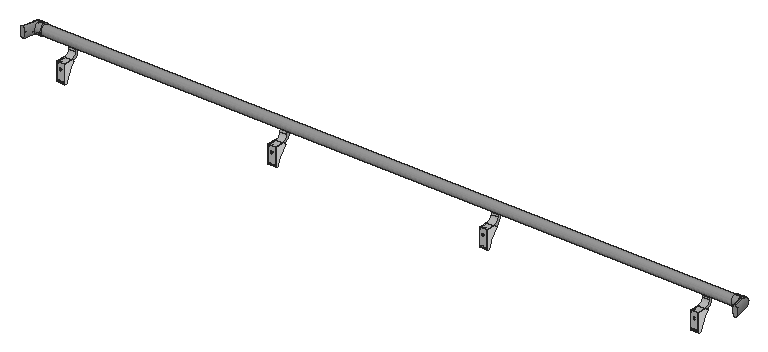
Revit family "AFN55+O-34Vsl+VAエンド", category 一般モデル, Revit 2015
Parameters (values of type "仕様")
  笠木長さ = 2500 mm
  最終BK-エンド距離 [instance] = 102.3 mm
  手摺H = 1000 mm
  笠木色 = 笠木No.11アイボリーホワイト
  実高さ = 手摺H - 7.3 mm  # 992.7 mm
  ビニレーンカバー色 = カバーホワイト
  エンド-エンド距離 [instance] = 笠木長さ + 23.4 mm  # 2523.4 mm
  BK間 [instance] = (笠木長さ - 240 mm) / (BK数 - 1)  # 753.333 mm
  BK数 = roundup((笠木長さ - 240 mm) / 910 mm) + 1  # 4
Reference planes
  plane 1 "壁": y = 0
  plane 2 "中心(左/右)": x = 125
  plane 3 "背面": y = 75
  plane 4: z = 0
  plane 5: x = 2125
  plane 6: z = 3000
  plane 7: x = -1875
Lines and regions (mm)
  reference lines
    curve 1: line (1965, 0, 0) -> (1965, 0, 2799.642)
    curve 2: line (-1875, 0, 0) -> (-1875, 0, 3215.94)
    curve 3: line (-1715, 0, 0) -> (-1715, 0, 3155.94)
    curve 4: line (-1817.3, 0, 763.756) -> (-1817.3, 0, 1053.756)
    curve 5: line (-2706.019, 0, 992.7) -> (2593.981, 0, 992.7)
Text (mm)
  text "配置側" at (-1848.837, 1116.779, 0), in view "参照レベル"
  text "配置側" at (0, 1409.804, 2854.306), in view "左"
  text "配置側" at (0, 499.811, 2980.732), in view "右"
Dimensions and locks
  locked: plane 3 "背面" to host wall
  plane 2 "中心(左/右)" to curve 1 = 1840 mm
  curve 3 to plane 2 "中心(左/右)" = 1840 mm
  equal spacing: group 1, group 2, group 3, group 4  (x3)
  equal spacing: curve 2, curve 3, host wall
  "最終BK-エンド距離": curve 4 to curve 3
  "BK間": curve 3 to nested 3
  "エンド-エンド距離": nested 5 to nested 4
  "実高さ": curve 5 to level
  locked: nested 5 to curve 5 at 7.2
  nested 2 to host wall = 40 mm
  aligned and locked: plane 1 "壁" to host wall
  aligned and locked: curve 5 to nested 2
  aligned and locked: curve 5 to nested 1
  aligned and locked: curve 5 to nested 6
Automatic sketch dimensions
  host sketch curve to plane 5 = 0 mm
  host sketch curve to plane 7 = 0 mm
  host sketch curve to plane 4 = 0 mm
  host sketch curve to plane 6 = 0 mm
  curve 2 to level = 0 mm
  curve 3 to level = 0 mm
  curve 1 to level = 0 mm
  curve 5 to plane 2 "中心(左/右)" = 2831.019 mm
  curve 5 to curve 2 = 831.019 mm
  curve 2 to curve 4 = 57.7 mm
  plane 2 "中心(左/右)" to curve 1 = 1840 mm
  curve 1 to curve 5 = 628.981 mm
  level to curve 4 = 763.756 mm
  curve 4 to curve 4 = 290 mm
  curve 5 to curve 1 = 1806.942 mm
  curve 4 to curve 3 = 2102.184 mm
  curve 3 to curve 2 = 60 mm
Nested families
  nested 1: "AFN55BK本体" at (-1852.5, 0, -601.3), type "タイプ 1"
    with BKカバー色 none
  nested 2: "O-34笠木" at (-1835, -186.158, 61.229) x (0, 1, 0) z (0, 0, 1), 笠木長さ <- "笠木長さ", type "O-34笠木"
    with 笠木長さ 2500 mm
  nested 3: "AFN55BK本体" at (-1099.209, 0, -601.3), type "タイプ 1"
    with BKカバー色 none
  nested 4: "VAエンド思索" at (636.92, 112.254, 985.522) x (0, 0, 1) z (1, 0, 0), type "VAエンド思索"
  nested 5: "VAエンド思索" at (-1807.206, 112.254, 985.5) x (0, 0, 1) z (-1, 0, 0), type "VAエンド思索"
  nested 6: "AFN55BK本体" at (-345.918, 0, -601.3), type "タイプ 1"
    with BKカバー色 none
  nested 7: "AFN55BK本体" at (407.373, 0, -601.3), type "タイプ 1"
    with BKカバー色 none
Definition of nested family "AFN55BK本体"
  Parameters (values of type "タイプ 1")
    BK色 = none
    BKカバー色 [instance] = none
    BKカバー木目 = none
  Reference planes
    plane 1 "壁": y = 0
    plane 2 "中心(左/右)": x = 125
    plane 3 "背面": y = 75
    plane 4: z = 1475.5
  Forms (mm)
    Extrusion 1, solid, material <- "BK色"
      sketch origin (125, 0.041, 42.483) x (0, 1, 0) y (0, 0, 1)
        loop
          line (106.718, 1497.517) -> (74.959, 1497.517) -> (74.959, 1439.017)
          arc (74.959, 1439.017) -> (75.959, 1438.017) -> (76.959, 1439.017) r 1
          line (76.959, 1439.017) -> (76.959, 1453.451)
          arc (76.959, 1453.451) -> (77.786, 1455.886) -> (79.924, 1457.315) r 4
          line (79.924, 1457.315) -> (80.877, 1457.57)
          arc (80.877, 1457.57) -> (81.946, 1458.284) -> (82.359, 1459.502) r 2
          line (82.359, 1459.502) -> (82.359, 1461.067)
          arc (82.359, 1461.067) -> (82.213, 1461.421) -> (81.859, 1461.567) r 0.5
          line (81.859, 1461.567) -> (78.959, 1461.567)
          arc (78.959, 1461.567) -> (78.031, 1462.196) -> (78.269, 1463.291) r 1
          line (78.269, 1463.291) -> (82.049, 1466.893)
          arc (82.049, 1466.893) -> (82.278, 1467.223) -> (82.359, 1467.617) r 1
          line (82.359, 1467.617) -> (82.359, 1488.817)
          arc (82.359, 1488.817) -> (82.798, 1489.878) -> (83.859, 1490.317) r 1.5
          line (83.859, 1490.317) -> (88.059, 1490.317)
          arc (88.059, 1490.317) -> (88.359, 1490.617) -> (88.659, 1490.317) r 0.3
          line (88.659, 1490.317) -> (88.659, 1488.117) -> (97.659, 1490.317) -> (108.959, 1490.317)
          arc (108.959, 1490.317) -> (125.576, 1497.2) -> (132.459, 1513.817) r 23.5
          line (132.459, 1513.817) -> (132.459, 1532.289)
          arc (132.459, 1532.289) -> (132.611, 1533.054) -> (133.045, 1533.703) r 2
          line (133.045, 1533.703) -> (133.773, 1534.431)
          arc (133.773, 1534.431) -> (134.207, 1535.08) -> (134.359, 1535.845) r 2
          line (134.359, 1535.845) -> (134.359, 1551.517) -> (132.859, 1551.517) -> (132.859, 1549.517)
          arc (132.859, 1549.517) -> (132.42, 1548.456) -> (131.359, 1548.017) r 1.5
          line (131.359, 1548.017) -> (128.559, 1548.017)
          arc (128.559, 1548.017) -> (127.498, 1548.456) -> (127.059, 1549.517) r 1.5
          line (127.059, 1549.517) -> (127.059, 1551.517) -> (125.559, 1551.517) -> (125.559, 1546.874)
          arc (125.559, 1546.874) -> (125.637, 1546.486) -> (125.859, 1546.159) r 1
          arc (125.859, 1546.159) -> (126.759, 1544.017) -> (125.859, 1541.875) r 3
          arc (125.859, 1541.875) -> (125.637, 1541.548) -> (125.559, 1541.16) r 1
          line (125.559, 1541.16) -> (125.559, 1535.845)
          arc (125.559, 1535.845) -> (125.711, 1535.08) -> (126.145, 1534.431) r 2
          line (126.145, 1534.431) -> (126.873, 1533.703)
          arc (126.873, 1533.703) -> (127.307, 1533.054) -> (127.459, 1532.289) r 2
          line (127.459, 1532.289) -> (127.459, 1524.041)
          arc (127.459, 1524.041) -> (127.445, 1523.518) -> (127.404, 1522.996) r 10
          line (127.404, 1522.996) -> (126.609, 1515.426)
          arc (126.609, 1515.426) -> (120.101, 1502.654) -> (106.718, 1497.517) r 20
      from 0 to 25
    Extrusion 2, void
      sketch origin (0.743, 82.4, 30.09) x (1, 0, 0) y (0, 0, 1)
        loop
          circle (137.542, 1489.945) r 5
      from 0 to 7.9
    Extrusion 3, solid, material <- "BKカバー木目"
      sketch origin (125, -305.006, 144.816) x (0, 1, 0) y (0, 0, 1)
        loop
          line (381.006, 1331.637) -> (383.312, 1331.637)
          arc (383.312, 1331.637) -> (386.254, 1332.594) -> (388.07, 1335.099) r 5
          arc (388.07, 1335.099) -> (401.125, 1363.077) -> (420.64, 1387.003) r 125
          line (420.64, 1387.003) -> (413.006, 1394.637) -> (381.006, 1394.637) -> (381.006, 1333.637) -> (381.006, 1331.637)
      from -2.5 to 27.5
    Extrusion 4, void
      sketch origin (124.375, 76, 1539.453) x (0, 1, 0) y (-1, 0, 0)
        loop
          line (-1.575, -26.705) -> (35.425, -26.705) -> (35.425, -0.85) -> (-1.575, -0.85) -> (-1.575, -26.705)
      from -7.7 to 0
  Cuts and joins
    Extrusion 2 cuts Extrusion 1
    Extrusion 4 cuts Extrusion 3
  Lines and regions (mm)
    reference lines
      curve 1: line (150, 0, 1480.5) -> (137.542, 0, 1480.5)
      curve 2: line (137.542, 0, 1480.5) -> (137.542, 0, 1519.612)
  Text (mm)
    text "配置側" at (-1848.837, 1116.779, 0), in view "参照レベル"
    text "配置側" at (0, 1409.804, 2854.306), in view "左"
    text "配置側" at (0, 499.811, 2980.732), in view "右"
  Dimensions and locks
    locked: plane 3 "背面" to host wall
    aligned and locked: plane 1 "壁" to host wall
Definition of nested family "O-34笠木"
  Parameters (values of type "O-34笠木")
    笠木長さ [instance] = 1000 mm
    木目 = none
  Reference planes
    plane 1 "中心(正面/背面)": y = 0
    plane 2: z = 0
    plane 3 "中心(左/右)": x = 0
  Forms (mm)
    Extrusion 1, solid, material <- "木目"
      sketch origin (0, 0, 0) x (1, 0, 0) y (0, 0, 1)
        loop
          arc (312.783, 907.324) -> (316.226, 940.971) -> (319.669, 907.324) r 17
          arc (319.669, 907.324) -> (318.327, 908.017) -> (318.726, 909.474) r 1.2
          arc (318.726, 909.474) -> (319.425, 911.817) -> (321.226, 913.471) r 4.6
          line (321.226, 913.471) -> (322.03, 916.471) -> (320.726, 916.471) -> (320.726, 919.471) -> (323.726, 919.471) -> (323.726, 928.471) -> (320.726, 928.471) -> (320.726, 931.471) -> (311.726, 931.471) -> (311.726, 928.471) -> (308.726, 928.471) -> (308.726, 919.471) -> (311.726, 919.471) -> (311.726, 916.471) -> (310.422, 916.471) -> (311.226, 913.471)
          arc (311.226, 913.471) -> (313.028, 911.817) -> (313.726, 909.474) r 4.6
          arc (313.726, 909.474) -> (314.125, 908.017) -> (312.783, 907.324) r 1.2
      from 0 to 1000 <- "笠木長さ"
  Dimensions and locks
    aligned and locked: level to plane 2
Definition of nested family "VAエンド思索"
  Parameters (values of type "VAエンド思索")
    木目エンド = yes
    木目 = none
    Default Elevation = 1219.2 mm
  Reference planes
    plane 1 "中心(正面/背面)": y = 0
    plane 2: z = 0
    plane 3 "中心(左/右)": x = 0
  Forms (mm)
    Sweep 1, solid, material <- "木目", visible <- "木目エンド"
      path origin (0, 0, 0) x (0, 1, 0) y (0, 0, 1)
        loop
          line (33.681, 47.703) -> (-37.937, 29.847)
      profile origin (0, -2.128, 38.775) x (0, 0.241922, -0.970296) y (1, 0, 0)
        loop
          spline (0, -18.38) -> (1.813, -17.744) -> (3.501, -15.881) -> (4.952, -12.917) -> (6.065, -9.055) -> (6.764, -4.557) -> (7.003, 0.27) -> (6.764, 5.097) -> (6.065, 9.595) -> (4.952, 13.458) -> (3.501, 16.421) -> (1.813, 18.285) -> (0, 18.92)
          line (0, 18.92) -> (-3.381, 18.92)
          spline (-3.381, 18.92) -> (-5.193, 18.285) -> (-6.882, 16.421) -> (-8.333, 13.458) -> (-9.445, 9.595) -> (-10.145, 5.097) -> (-10.384, 0.27) -> (-10.145, -4.557) -> (-9.445, -9.055) -> (-8.333, -12.917) -> (-6.882, -15.881) -> (-5.193, -17.744) -> (-3.381, -18.38)
          line (-3.381, -18.38) -> (0, -18.38)
    Extrusion 2, void
      sketch origin (-0.87, 4.255, 0) x (1, 0, 0) y (0, 1, 0)
        loop
          line (0.557, -50.594) -> (34.081, -50.594) -> (34.081, -21.924) -> (19.207, -21.924)
          arc (19.207, -21.924) -> (13.745, -35.112) -> (0.557, -40.574) r 18.65
          arc (0.557, -40.574) -> (-12.63, -35.112) -> (-18.093, -21.924) r 18.65
          line (-18.093, -21.924) -> (-32.967, -21.924) -> (-32.967, -50.594) -> (0.557, -50.594)
      from 50 to -50
    Extrusion 3, solid, material <- "木目"
      sketch origin (0, 0, 0) x (1, 0, 0) y (0, 1, 0)
        loop
          circle (0, -17.667) r 17.15
        loop
          circle (0, -17.667) r 18.65
      from 39.637 to 10.2
    Extrusion 4, void
      sketch origin (0, 33.302, 40.49) x (0, 0, 1) y (1, 0, 0)
        loop
          line (17.973, 25.566) -> (-10.478, 25.566) -> (-10.478, -34.434) -> (17.973, -34.434) -> (17.973, 25.566)
      from 11.5 to -2.576
  Cuts and joins
    Extrusion 2, Extrusion 4 cuts Sweep 1
  Dimensions and locks
    aligned and locked: level to plane 2
